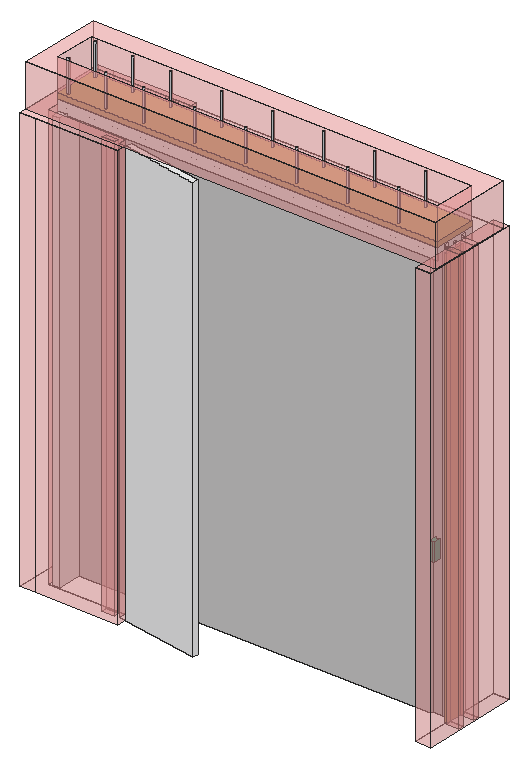
Revit family "Doors-Sliding_WON-DOOR_DuraSound_Manual_Floating_N", category Doors, host Wall, Revit 2020 (continued)
Definition of nested family "Second Part"
  Dimensions and locks (in)
    aligned and locked: curve 6 to Masking region 4
    aligned and locked: curve 6 to Masking region 3
    aligned and locked: curve 8 to Masking region 6
    aligned and locked: curve 8 to Masking region 5
    aligned and locked: Masking region 5 to curve 7
    aligned and locked: Masking region 6 to curve 7
    aligned and locked: plane 5 "Center (Left/Right)" to Masking region 8 sketch curve  (x3)
    aligned and locked: Masking region 2 sketch curve to plane 5 "Center (Left/Right)"
    aligned and locked: Masking region 10 sketch curve to plane 5 "Center (Left/Right)"
    aligned and locked: plane 5 "Center (Left/Right)" to Masking region 11 sketch curve
    aligned and locked: curve 9 to Masking region 9
    aligned and locked: curve 10 to Masking region 9
    aligned and locked: curve 11 to Masking region 9
    aligned and locked: curve 12 to Masking region 9
    aligned and locked: curve 13 to Masking region 9
    aligned and locked: curve 14 to Masking region 9
    aligned and locked: curve 15 to Masking region 9
    aligned and locked: curve 16 to Masking region 9
    aligned and locked: curve 17 to Masking region 8
    aligned and locked: curve 18 to Masking region 8
    aligned and locked: curve 19 to Masking region 8
    aligned and locked: curve 20 to Masking region 8
    aligned and locked: curve 21 to Masking region 10
    aligned and locked: curve 22 to Masking region 8
    aligned and locked: curve 23 to Masking region 8
    aligned and locked: curve 24 to Masking region 8
    aligned and locked: curve 25 to Masking region 8
    aligned and locked: curve 26 to Masking region 8
    aligned and locked: curve 27 to Masking region 8
    aligned and locked: curve 28 to Masking region 8
    aligned and locked: curve 29 to Masking region 8
    aligned and locked: curve 30 to Masking region 10
    aligned and locked: curve 31 to Masking region 12
    aligned and locked: curve 32 to Masking region 12
    aligned and locked: curve 33 to Masking region 12
    aligned and locked: curve 34 to Masking region 12
    aligned and locked: curve 35 to Masking region 12
    aligned and locked: curve 36 to Masking region 12
    aligned and locked: curve 37 to Masking region 12
    aligned and locked: curve 38 to Masking region 12
    aligned and locked: Masking region 20 to curve 39
    aligned and locked: curve 40 to Masking region 20
    aligned and locked: curve 41 to Masking region 20
    aligned and locked: curve 42 to Masking region 20
  Automatic sketch dimensions
    Masking region 3 sketch curve to curve 1 = 0' - 5.86722"
    Masking region 3 sketch curve to Masking region 3 sketch curve = 0' - 0"  (x115)
    Masking region 3 sketch curve to curve 1 = 0' - 4.63688"  (x2)
    Masking region 3 sketch curve to curve 1 = 0' - 4.00688"  (x2)
    Masking region 3 sketch curve to Masking region 3 sketch curve = 0' - 0.04427"  (x22)
    Masking region 3 sketch curve to curve 1 = 0' - 3.69188"  (x2)
    Masking region 3 sketch curve to curve 1 = 0' - 4.32188"  (x2)
    Masking region 3 sketch curve to Masking region 3 sketch curve = 0' - 0.67452"  (x2)
    Masking region 3 sketch curve to Masking region 3 sketch curve = 0' - 0.73961"
    Masking region 3 sketch curve to Masking region 3 sketch curve = 0' - 0.00196"
    Masking region 3 sketch curve to Masking region 3 sketch curve = 0' - 0.05689"  (x4)
    Masking region 3 sketch curve to Masking region 3 sketch curve = 0' - 0.06541"  (x2)
    Masking region 3 sketch curve to Masking region 3 sketch curve = 0' - 0.02757"
    Masking region 3 sketch curve to Masking region 3 sketch curve = 0' - 0.48775"  (x2)
    Masking region 3 sketch curve to Masking region 3 sketch curve = 0' - 0.50856"  (x2)
    Masking region 3 sketch curve to Masking region 3 sketch curve = 0' - 0.45168"  (x3)
    Masking region 3 sketch curve to Masking region 3 sketch curve = 0' - 0.42411"  (x2)
    Masking region 3 sketch curve to Masking region 3 sketch curve = 0' - 0.5973"  (x9)
    Masking region 3 sketch curve to Masking region 3 sketch curve = 0' - 0.63786"  (x5)
    Masking region 3 sketch curve to Masking region 3 sketch curve = 0' - 0.32217"  (x8)
    Masking region 3 sketch curve to Masking region 3 sketch curve = 0' - 0.612"  (x7)
    Masking region 3 sketch curve to Masking region 3 sketch curve = 0' - 0.07516"  (x24)
    Masking region 3 sketch curve to Masking region 3 sketch curve = 0' - 0.548"  (x8)
    Masking region 3 sketch curve to Masking region 3 sketch curve = 0' - 0.26882"
    Masking region 3 sketch curve to Masking region 3 sketch curve = 0' - 0 1/32"  (x12)
    Masking region 3 sketch curve to Masking region 3 sketch curve = 0' - 0 3/32"  (x4)
    Masking region 3 sketch curve to Masking region 3 sketch curve = 0' - 0.70214"
    Masking region 3 sketch curve to curve 1 = 0' - 0.80801"  (x2)
    Masking region 3 sketch curve to Masking region 3 sketch curve = 0' - 0.03716"
    Masking region 3 sketch curve to Masking region 3 sketch curve = 0' - 0 5/64"  (x2)
    Masking region 3 sketch curve to curve 1 = 0' - 0.20356"
    curve 1 to Masking region 3 sketch curve = 0' - 0.07856"
    curve 1 to Masking region 3 sketch curve = 0' - 0.76374"  (x2)
    Masking region 3 sketch curve to Masking region 3 sketch curve = 0' - 0.65725"
    Masking region 3 sketch curve to Masking region 3 sketch curve = 0' - 0.04096"
    Masking region 3 sketch curve to Masking region 3 sketch curve = 0' - 0.60839"
    Masking region 3 sketch curve to Masking region 3 sketch curve = 0' - 1.08364"  (x2)
    Masking region 3 sketch curve to Masking region 3 sketch curve = 0' - 0.44315"
    Masking region 3 sketch curve to Masking region 3 sketch curve = 0' - 0.48579"
    Masking region 3 sketch curve to Masking region 3 sketch curve = 0' - 0.69007"  (x2)
    Masking region 3 sketch curve to Masking region 3 sketch curve = 0' - 0.71285"
    curve 1 to Masking region 3 sketch curve = 0' - 2 1/2"  (x2)
    Masking region 3 sketch curve to curve 1 = 0' - 2 1/2"  (x2)
    curve 1 to Masking region 3 sketch curve = 0' - 2 31/32"
    Masking region 3 sketch curve to Masking region 3 sketch curve = 0' - 0.08697"  (x2)
    Masking region 3 sketch curve to Masking region 3 sketch curve = 0' - 0.6683"  (x2)
    Masking region 3 sketch curve to Masking region 3 sketch curve = 0' - 0.02358"  (x2)
    Masking region 3 sketch curve to Masking region 3 sketch curve = 0' - 0.10059"  (x3)
    Masking region 3 sketch curve to Masking region 3 sketch curve = 0' - 0.08395"  (x2)
    Masking region 3 sketch curve to Masking region 3 sketch curve = 0' - 0.315"  (x61)
    Masking region 3 sketch curve to Masking region 3 sketch curve = 0' - 0.29142"
    Masking region 3 sketch curve to Masking region 3 sketch curve = 0' - 0 81/256"  (x20)
    Masking region 3 sketch curve to Masking region 3 sketch curve = 0' - 0 1/4"  (x20)
    Masking region 3 sketch curve to Masking region 3 sketch curve = 0' - 0.565"
    Masking region 3 sketch curve to Masking region 3 sketch curve = 0' - 0 7/16"
    Masking region 5 sketch curve to curve 1 = 0' - 4.2983"
    Masking region 5 sketch curve to curve 1 = 0' - 5.86722"
    Masking region 5 sketch curve to Masking region 5 sketch curve = 0' - 0"  (x18)
    Masking region 5 sketch curve to curve 1 = 0' - 1.57856"
    Masking region 5 sketch curve to Masking region 5 sketch curve = 0' - 0 1/32"  (x6)
    Masking region 5 sketch curve to Masking region 5 sketch curve = 0' - 0.70214"  (x2)
    Masking region 5 sketch curve to Masking region 5 sketch curve = 0' - 0 5/64"  (x2)
    Masking region 5 sketch curve to curve 1 = 0' - 0.76374"
    Masking region 5 sketch curve to Masking region 5 sketch curve = 0' - 0.00331"  (x2)
    Masking region 5 sketch curve to curve 1 = 0' - 0.10981"
    curve 1 to Masking region 5 sketch curve = 0' - 0.07856"
    curve 1 to Masking region 5 sketch curve = 0' - 0.76374"  (x2)
    Masking region 5 sketch curve to curve 1 = 0' - 3.6683"
    Masking region 5 sketch curve to Masking region 5 sketch curve = 0' - 4.30422"
    Masking region 5 sketch curve to curve 1 = 0' - 3"
    Masking region 5 sketch curve to Masking region 5 sketch curve = 0' - 0.6683"
    Masking region 5 sketch curve to Masking region 5 sketch curve = 0' - 0 15/32"  (x2)
    curve 1 to Masking region 5 sketch curve = 0' - 2 1/2"  (x2)
    Masking region 5 sketch curve to Masking region 5 sketch curve = 0' - 0.63"
    Masking region 5 sketch curve to Masking region 5 sketch curve = 0' - 0.315"  (x13)
    Masking region 5 sketch curve to Masking region 5 sketch curve = 0' - 0 81/256"  (x4)
    Masking region 5 sketch curve to Masking region 5 sketch curve = 0' - 0 1/4"  (x4)
    curve 2 to curve 4 = 0' - 6.99379"
    curve 2 to curve 4 = 2' - 5.13278"
    curve 4 to curve 4 = 0' - 11 3/4"
    Masking region 1 sketch curve to curve 1 = 0' - 2 1/2"
    Masking region 1 sketch curve to curve 1 = 0' - 8 1/2"
    curve 1 to Masking region 1 sketch curve = 0' - 8 1/2"
    Masking region 7 sketch curve to Masking region 7 sketch curve = 0' - 2.98878"
    plane 1 "Center (Front/Back)" to Masking region 7 sketch curve = 0' - 1.57856"
    plane 1 "Center (Front/Back)" to Masking region 7 sketch curve = 0' - 0.84517"
    Masking region 7 sketch curve to plane 1 "Center (Front/Back)" = 0' - 0.84517"
    Masking region 7 sketch curve to Masking region 7 sketch curve = 0' - 0.73339"
    Masking region 7 sketch curve to Masking region 7 sketch curve = 0' - 4.28867"
    Masking region 9 sketch curve to plane 3 "1" = 0' - 3.50063"  (x2)
    plane 1 "Center (Front/Back)" to Masking region 9 sketch curve = 0' - 11.24979"
    Masking region 9 sketch curve to Masking region 9 sketch curve = 0' - 1 5/8"  (x2)
    Masking region 9 sketch curve to plane 1 "Center (Front/Back)" = 0' - 9.62521"
    plane 1 "Center (Front/Back)" to Masking region 8 sketch curve = 1' - 1 7/8"  (x2)
    Masking region 8 sketch curve to Masking region 8 sketch curve = 0' - 2 7/8"
    Masking region 8 sketch curve to Masking region 8 sketch curve = 0' - 4 7/8"  (x2)
    Masking region 8 sketch curve to plane 1 "Center (Front/Back)" = 0' - 9"
    Masking region 8 sketch curve to Masking region 8 sketch curve = 0' - 2"
    Masking region 8 sketch curve to Masking region 8 sketch curve = 0' - 0"
    plane 1 "Center (Front/Back)" to Masking region 2 sketch curve = 0' - 11"
    Masking region 2 sketch curve to Masking region 2 sketch curve = 0' - 2"  (x2)
    Masking region 2 sketch curve to plane 1 "Center (Front/Back)" = 0' - 9"
    plane 1 "Center (Front/Back)" to Masking region 10 sketch curve = 0' - 11"
    Masking region 10 sketch curve to plane 1 "Center (Front/Back)" = 0' - 11"
    plane 1 "Center (Front/Back)" to Masking region 11 sketch curve = 1' - 2.60579"
    Masking region 11 sketch curve to Masking region 11 sketch curve = 0' - 1.60303"
    Masking region 6 sketch curve to curve 2 = 0' - 0"
    curve 2 to Masking region 6 sketch curve = 0' - 6.99379"
    curve 2 to Masking region 6 sketch curve = 2' - 5.13278"
    Masking region 6 sketch curve to Masking region 6 sketch curve = 0' - 0"  (x20)
    Masking region 6 sketch curve to Masking region 6 sketch curve = 0' - 2.97322"
    Masking region 6 sketch curve to Masking region 6 sketch curve = 0' - 1.989"  (x2)
    Masking region 6 sketch curve to Masking region 6 sketch curve = 0' - 0.14126"
    Masking region 6 sketch curve to Masking region 6 sketch curve = 0' - 0.165"  (x3)
    curve 2 to Masking region 6 sketch curve = 0' - 0.26799"
    Masking region 6 sketch curve to Masking region 6 sketch curve = 0' - 1.48"
    Masking region 6 sketch curve to Masking region 6 sketch curve = 0' - 1.52748"
    Masking region 6 sketch curve to Masking region 6 sketch curve = 0' - 0.02374"
    Masking region 6 sketch curve to Masking region 6 sketch curve = 0' - 2.98878"
    Masking region 6 sketch curve to Masking region 6 sketch curve = 0' - 0.315"  (x13)
    Masking region 6 sketch curve to Masking region 6 sketch curve = 0' - 0 81/256"  (x4)
    Masking region 6 sketch curve to Masking region 6 sketch curve = 0' - 0 1/4"  (x4)
    Masking region 6 sketch curve to Masking region 6 sketch curve = 0' - 0.22642"  (x2)
    Masking region 6 sketch curve to Masking region 6 sketch curve = 0' - 0.84161"  (x2)
    Masking region 6 sketch curve to Masking region 6 sketch curve = 0' - 1"  (x2)
    plane 3 "1" to Masking region 7 sketch curve = 0' - 0.23017"
    plane 1 "Center (Front/Back)" to Masking region 7 sketch curve = 0' - 1.29"
    Masking region 7 sketch curve to plane 1 "Center (Front/Back)" = 0' - 1.29"
    Masking region 4 sketch curve to curve 2 = 0' - 0"
    curve 2 to Masking region 4 sketch curve = 0' - 4.91738"  (x2)
    curve 2 to Masking region 4 sketch curve = 2' - 5.13278"
    curve 2 to Masking region 4 sketch curve = 0' - 4.28597"  (x2)
    Masking region 4 sketch curve to Masking region 4 sketch curve = 0' - 0"  (x122)
    curve 2 to Masking region 4 sketch curve = 0' - 6.11379"  (x2)
    curve 2 to Masking region 4 sketch curve = 0' - 3.72097"  (x2)
    curve 2 to Masking region 4 sketch curve = 0' - 5.48238"  (x2)
    Masking region 4 sketch curve to Masking region 4 sketch curve = 0' - 0.04427"  (x21)
    curve 2 to Masking region 4 sketch curve = 0' - 5.79738"  (x2)
    curve 2 to Masking region 4 sketch curve = 0' - 5.23238"
    curve 2 to Masking region 4 sketch curve = 0' - 4.03597"  (x2)
    curve 2 to Masking region 4 sketch curve = 0' - 6.42879"
    Masking region 4 sketch curve to Masking region 4 sketch curve = 0' - 0.67452"
    Masking region 4 sketch curve to Masking region 4 sketch curve = 0' - 0.73961"
    Masking region 4 sketch curve to Masking region 4 sketch curve = 0' - 0.00196"
    Masking region 4 sketch curve to Masking region 4 sketch curve = 0' - 0.05689"  (x4)
    Masking region 4 sketch curve to Masking region 4 sketch curve = 0' - 0.06541"  (x2)
    Masking region 4 sketch curve to Masking region 4 sketch curve = 0' - 0.02757"
    Masking region 4 sketch curve to Masking region 4 sketch curve = 0' - 0.50856"  (x2)
    Masking region 4 sketch curve to Masking region 4 sketch curve = 0' - 0.42411"  (x2)
    curve 2 to Masking region 4 sketch curve = 0' - 4.60097"
    Masking region 4 sketch curve to Masking region 4 sketch curve = 0' - 0.48775"  (x2)
    curve 2 to Masking region 4 sketch curve = 0' - 6.97484"  (x2)
    Masking region 4 sketch curve to Masking region 4 sketch curve = 0' - 0.5973"  (x8)
    curve 2 to Masking region 4 sketch curve = 0' - 4.51703"  (x2)
    curve 2 to Masking region 4 sketch curve = 0' - 6.02984"  (x2)
    curve 2 to Masking region 4 sketch curve = 0' - 6.34484"  (x2)
    curve 2 to Masking region 4 sketch curve = 0' - 5 51/128"  (x2)
    curve 2 to Masking region 4 sketch curve = 0' - 4.20203"  (x2)
    curve 2 to Masking region 4 sketch curve = 0' - 5.71344"  (x2)
    curve 2 to Masking region 4 sketch curve = 0' - 3.95203"  (x2)
    curve 2 to Masking region 4 sketch curve = 0' - 5 19/128"  (x2)
    curve 2 to Masking region 4 sketch curve = 0' - 3.63703"  (x2)
    curve 2 to Masking region 4 sketch curve = 0' - 4.83344"  (x2)
    curve 2 to Masking region 4 sketch curve = 0' - 6.65984"  (x2)
    curve 2 to Masking region 4 sketch curve = 0' - 6.83076"
    Masking region 4 sketch curve to Masking region 4 sketch curve = 0' - 0.63786"  (x5)
    curve 2 to Masking region 4 sketch curve = 0' - 4.68794"  (x2)
    curve 2 to Masking region 4 sketch curve = 0' - 3.80794"  (x2)
    curve 2 to Masking region 4 sketch curve = 0' - 7.14576"
    curve 2 to Masking region 4 sketch curve = 0' - 5.56935"  (x2)
    curve 2 to Masking region 4 sketch curve = 0' - 6.20076"
    curve 2 to Masking region 4 sketch curve = 0' - 5.31935"  (x2)
    Masking region 4 sketch curve to Masking region 4 sketch curve = 0' - 0.32217"  (x8)
    curve 2 to Masking region 4 sketch curve = 0' - 4.12294"  (x2)
    curve 2 to Masking region 4 sketch curve = 0' - 5.88435"  (x2)
    curve 2 to Masking region 4 sketch curve = 0' - 6.51576"  (x2)
    Masking region 4 sketch curve to Masking region 4 sketch curve = 0' - 0.18854"
    Masking region 4 sketch curve to Masking region 4 sketch curve = 0' - 0.188"  (x3)
    curve 2 to Masking region 4 sketch curve = 0' - 4.20896"  (x2)
    Masking region 4 sketch curve to Masking region 4 sketch curve = 0' - 0.612"  (x7)
    curve 2 to Masking region 4 sketch curve = 0' - 6.98177"  (x2)
    curve 2 to Masking region 4 sketch curve = 0' - 5.72036"  (x2)
    curve 2 to Masking region 4 sketch curve = 0' - 5.15536"  (x2)
    Masking region 4 sketch curve to Masking region 4 sketch curve = 0' - 0.07516"  (x24)
    curve 2 to Masking region 4 sketch curve = 0' - 4.84036"  (x2)
    curve 2 to Masking region 4 sketch curve = 0' - 4.52396"  (x2)
    curve 2 to Masking region 4 sketch curve = 0' - 6.66677"  (x2)
    Masking region 4 sketch curve to Masking region 4 sketch curve = 0' - 0.548"  (x8)
    curve 2 to Masking region 4 sketch curve = 0' - 6.76736"  (x2)
    curve 2 to Masking region 4 sketch curve = 0' - 4.30955"  (x2)
    curve 2 to Masking region 4 sketch curve = 0' - 7.08236"
    curve 2 to Masking region 4 sketch curve = 0' - 4.94096"  (x2)
    curve 2 to Masking region 4 sketch curve = 0' - 3.74455"
    curve 2 to Masking region 4 sketch curve = 0' - 5.50596"  (x2)
    curve 2 to Masking region 4 sketch curve = 0' - 5.25596"  (x2)
    Masking region 4 sketch curve to Masking region 4 sketch curve = 0' - 0.76638"
    Masking region 4 sketch curve to Masking region 4 sketch curve = 0' - 0.176"  (x4)
    Masking region 4 sketch curve to Masking region 4 sketch curve = 0' - 1.03937"  (x2)
    Masking region 4 sketch curve to Masking region 4 sketch curve = 0' - 0.09699"
    curve 2 to Masking region 4 sketch curve = 0' - 6.45236"  (x2)
    Masking region 4 sketch curve to Masking region 4 sketch curve = 0' - 0.165"  (x2)
    curve 2 to Masking region 4 sketch curve = 0' - 0.26799"
    Masking region 4 sketch curve to Masking region 4 sketch curve = 0' - 1.48"
    Masking region 4 sketch curve to Masking region 4 sketch curve = 0' - 1.52748"
    Masking region 4 sketch curve to Masking region 4 sketch curve = 0' - 0.02374"
    Masking region 4 sketch curve to Masking region 4 sketch curve = 0' - 0.06801"
    curve 2 to Masking region 4 sketch curve = 0' - 6.13736"
    Masking region 4 sketch curve to Masking region 4 sketch curve = 0' - 0.94238"
    Masking region 4 sketch curve to Masking region 4 sketch curve = 0' - 1.08364"
    curve 2 to Masking region 4 sketch curve = 0' - 4.62455"
    curve 2 to Masking region 4 sketch curve = 0' - 4.05955"
    curve 2 to Masking region 4 sketch curve = 0' - 5.40536"
    curve 2 to Masking region 4 sketch curve = 0' - 3.95896"
    curve 2 to Masking region 4 sketch curve = 0' - 6.03677"
    Masking region 4 sketch curve to Masking region 4 sketch curve = 0' - 0.23546"  (x2)
    curve 2 to Masking region 4 sketch curve = 0' - 4.37294"
    curve 2 to Masking region 4 sketch curve = 0' - 5.00435"
    curve 2 to Masking region 4 sketch curve = 0' - 7.05879"
    Masking region 4 sketch curve to Masking region 4 sketch curve = 0' - 0.44315"
    Masking region 4 sketch curve to Masking region 4 sketch curve = 0' - 0.45168"  (x2)
    Masking region 4 sketch curve to Masking region 4 sketch curve = 0' - 0.48579"
    Masking region 4 sketch curve to Masking region 4 sketch curve = 0' - 0.69007"
    Masking region 4 sketch curve to Masking region 4 sketch curve = 0' - 0.74696"
    curve 2 to Masking region 4 sketch curve = 0' - 6.74379"
    Masking region 4 sketch curve to Masking region 4 sketch curve = 0' - 0.63"  (x2)
    Masking region 4 sketch curve to Masking region 4 sketch curve = 0' - 0.315"  (x17)
    Masking region 4 sketch curve to Masking region 4 sketch curve = 0' - 0 1/4"  (x5)
    Masking region 4 sketch curve to Masking region 4 sketch curve = 0' - 0.71661"  (x2)
    Masking region 4 sketch curve to Masking region 4 sketch curve = 0' - 0 1/8"  (x3)
    Masking region 4 sketch curve to Masking region 4 sketch curve = 0' - 0.74102"
    Masking region 4 sketch curve to Masking region 4 sketch curve = 0' - 0.624"  (x2)
    Masking region 12 sketch curve to Masking region 12 sketch curve = 0' - 0"
    plane 1 "Center (Front/Back)" to Masking region 12 sketch curve = 0' - 3.4981"
    Masking region 12 sketch curve to Masking region 12 sketch curve = 0' - 3.74619"
    Masking region 12 sketch curve to Masking region 12 sketch curve = 0' - 3 5/8"
    Masking region 12 sketch curve to plane 4 = 0' - 0 3/8"  (x2)
    Masking region 12 sketch curve to Masking region 12 sketch curve = 0' - 1 5/8"  (x2)
    plane 1 "Center (Front/Back)" to Masking region 13 sketch curve = 0' - 2.75887"
    Masking region 13 sketch curve to plane 4 = 0' - 0"
    Masking region 13 sketch curve to Masking region 13 sketch curve = 0' - 0.74734"
    Masking region 13 sketch curve to plane 1 "Center (Front/Back)" = 0' - 2.7501"
    plane 4 to Masking region 14 sketch curve = 0' - 0.74734"
    Masking region 14 sketch curve to Masking region 14 sketch curve = 0' - 1.77298"
    plane 1 "Center (Front/Back)" to Masking region 14 sketch curve = 0' - 0.90563"
    Masking region 14 sketch curve to plane 1 "Center (Front/Back)" = 0' - 0.90437"
    plane 4 to Masking region 15 sketch curve = 0' - 0.74734"
    Masking region 15 sketch curve to Masking region 15 sketch curve = 0' - 1.388"  (x2)
    Masking region 15 sketch curve to Masking region 15 sketch curve = 0' - 0.275"  (x2)
    Masking region 15 sketch curve to Masking region 15 sketch curve = 0' - 0.10998"
    Masking region 15 sketch curve to Masking region 15 sketch curve = 0' - 0.1188"  (x2)
    plane 1 "Center (Front/Back)" to Masking region 15 sketch curve = 0' - 0.90563"
    Masking region 15 sketch curve to Masking region 15 sketch curve = 0' - 0.1"  (x2)
    Masking region 15 sketch curve to Masking region 15 sketch curve = 0' - 0.09934"  (x2)
    Masking region 15 sketch curve to Masking region 15 sketch curve = 0' - 0.23816"  (x2)
    Masking region 15 sketch curve to plane 1 "Center (Front/Back)" = 0' - 0.46687"
    plane 4 to Masking region 16 sketch curve = 0' - 0.74734"
    Masking region 16 sketch curve to Masking region 16 sketch curve = 0' - 1.288"
    Masking region 16 sketch curve to Masking region 16 sketch curve = 0' - 0.1"
    Masking region 16 sketch curve to Masking region 16 sketch curve = 0' - 0.325"
    plane 1 "Center (Front/Back)" to Masking region 16 sketch curve = 0' - 0.805"
    Masking region 16 sketch curve to Masking region 16 sketch curve = 0' - 0.18"  (x2)
    Masking region 16 sketch curve to plane 1 "Center (Front/Back)" = 0' - 0 5/8"
    plane 4 to Masking region 17 sketch curve = 0' - 0.74734"
    Masking region 17 sketch curve to plane 1 "Center (Front/Back)" = 0' - 0.555"
    Masking region 17 sketch curve to Masking region 17 sketch curve = 0' - 1.288"
    Masking region 17 sketch curve to Masking region 17 sketch curve = 0' - 0"  (x2)
    Masking region 17 sketch curve to Masking region 17 sketch curve = 0' - 0.1"  (x7)
    Masking region 17 sketch curve to Masking region 17 sketch curve = 0' - 0 1/8"  (x2)
    Masking region 17 sketch curve to Masking region 17 sketch curve = 0' - 0.086"  (x2)
    Masking region 17 sketch curve to Masking region 17 sketch curve = 0' - 0.0615"  (x2)
    plane 1 "Center (Front/Back)" to Masking region 17 sketch curve = 0' - 0.4075"
    Masking region 17 sketch curve to Masking region 17 sketch curve = 0' - 0.07"
    Masking region 17 sketch curve to Masking region 17 sketch curve = 0' - 0.15"  (x2)
    Masking region 17 sketch curve to Masking region 17 sketch curve = 0' - 0.156"
    Masking region 17 sketch curve to plane 1 "Center (Front/Back)" = 0' - 0.805"
    plane 1 "Center (Front/Back)" to Masking region 18 sketch curve = 0' - 0"
    plane 4 to Masking region 18 sketch curve = 0' - 0.74734"
    Masking region 18 sketch curve to Masking region 18 sketch curve = 0' - 0.429"
    Masking region 18 sketch curve to Masking region 18 sketch curve = 0' - 0.797"  (x2)
    plane 1 "Center (Front/Back)" to Masking region 18 sketch curve = 0' - 0.805"
    Masking region 18 sketch curve to Masking region 18 sketch curve = 0' - 0.062"  (x3)
    Masking region 18 sketch curve to Masking region 18 sketch curve = 0' - 0.1"  (x4)
    Masking region 18 sketch curve to Masking region 18 sketch curve = 0' - 0"
    Masking region 18 sketch curve to Masking region 18 sketch curve = 0' - 0 1/8"  (x2)
    Masking region 18 sketch curve to Masking region 18 sketch curve = 0' - 0.03362"  (x2)
    Masking region 18 sketch curve to Masking region 18 sketch curve = 0' - 0.038"  (x2)
    Masking region 18 sketch curve to Masking region 18 sketch curve = 0' - 0.08"  (x2)
    Masking region 18 sketch curve to Masking region 18 sketch curve = 0' - 0.15"
    Masking region 18 sketch curve to Masking region 18 sketch curve = 0' - 0.086"  (x2)
    Masking region 18 sketch curve to Masking region 18 sketch curve = 0' - 0.0615"  (x2)
    Masking region 18 sketch curve to Masking region 18 sketch curve = 0' - 0.156"
    plane 4 to Masking region 19 sketch curve = 0' - 0.74734"
    plane 1 "Center (Front/Back)" to Masking region 19 sketch curve = 0' - 0.00063"
    Masking region 19 sketch curve to Masking region 19 sketch curve = 0' - 0.33599"
    Masking region 19 sketch curve to Masking region 19 sketch curve = 0' - 1.26634"  (x2)
    Masking region 19 sketch curve to Masking region 19 sketch curve = 0' - 0.12166"  (x2)
    Masking region 19 sketch curve to Masking region 19 sketch curve = 0' - 0.275"  (x2)
    Masking region 19 sketch curve to Masking region 19 sketch curve = 0' - 0.03181"  (x2)
    Masking region 19 sketch curve to Masking region 19 sketch curve = 0' - 0.089"  (x2)
    plane 1 "Center (Front/Back)" to Masking region 19 sketch curve = 0' - 0.74792"
    Masking region 19 sketch curve to Masking region 19 sketch curve = 0' - 0.01148"  (x2)
    Masking region 19 sketch curve to plane 1 "Center (Front/Back)" = 0' - 0.74665"
    Masking region 19 sketch curve to Masking region 19 sketch curve = 0' - 0.02772"
    Masking region 19 sketch curve to Masking region 19 sketch curve = 0' - 0.024"  (x2)
    Masking region 19 sketch curve to Masking region 19 sketch curve = 0' - 0.23816"
    Masking region 19 sketch curve to Masking region 19 sketch curve = 0' - 0.04162"
    Masking region 20 sketch curve to plane 4 = 0' - 0"
    Masking region 20 sketch curve to Masking region 20 sketch curve = 0' - 4 3/8"
    plane 1 "Center (Front/Back)" to Masking region 20 sketch curve = 1' - 1 7/8"
    Masking region 20 sketch curve to plane 1 "Center (Front/Back)" = 1' - 1 7/8"
    Masking region 8 sketch curve to plane 4 = 0' - 0"  (x4)
    curve 42 to curve 1 = 0' - 0"
    curve 19 to curve 1 = 0' - 0"
    curve 24 to curve 1 = 0' - 0"
    curve 1 to curve 42 = 0' - 4 3/8"
    curve 42 to curve 1 = 1' - 1 7/8"
    curve 19 to curve 1 = 1' - 1 7/8"
    curve 19 to curve 9 = 0' - 2.62479"
    curve 19 to curve 20 = 0' - 2 7/8"
    curve 9 to curve 11 = 0' - 1 5/8"
    curve 11 to curve 23 = 0' - 0.62521"
    curve 3 to curve 1 = 0' - 5.86722"
    curve 37 to curve 1 = 0' - 3.4981"
    curve 1 to curve 32 = 0' - 0 3/8"
    curve 31 to curve 32 = 0' - 1 5/8"
    curve 1 to curve 36 = 0' - 1.8731"
    curve 33 to curve 36 = 0' - 1 5/8"
    curve 1 to curve 3 = 0' - 5.88278"
    curve 6 to curve 27 = 0' - 3.11722"
    curve 6 to curve 14 = 0' - 3.74202"
    curve 27 to curve 30 = 0' - 2"
    curve 28 to curve 15 = 0' - 0.24979"
    curve 29 to curve 29 = 0' - 2 7/8"
    curve 32 to curve 1 = 0' - 4"
    curve 36 to curve 1 = 0' - 4"
    curve 1 to curve 34 = 0' - 0 3/8"
    curve 5 to curve 9 = 0' - 3.24315"
    curve 6 to curve 13 = 0' - 3.24315"
    curve 14 to curve 15 = 0' - 3 5/8"
    curve 9 to curve 9 = 0' - 3 5/8"
    curve 13 to curve 28 = 0' - 1.37297"
    curve 9 to curve 22 = 0' - 1.37297"
    curve 21 to curve 19 = 0' - 1 5/8"
    curve 28 to curve 29 = 0' - 1 5/8"
    curve 8 to curve 3 = 0' - 0"
    curve 7 to curve 3 = 0' - 0"
Types (3): name | Void Offset | Stack Depth | Single Door Geometry | Single Door | Second Stack Depth Offset | Second Stack Depth | Rough Width | Real Step for Pocket Threaded Rods | Offset for Width | Min Width | Double Door Geometry | Double Door | Array for Second Pocket Vis | Array for Second Pocket Threaded Rods
  (no name) | 0' - 0" | 1' - 11 1/4" | yes | yes | 0' - 0" | 1' - 0" | 9' - 4 1/8" | 0' - 10 5/8" | 0' - 0" | 3' - 0" | no | no | no | 2
  Single Parting Door | 0' - 0" | 1' - 11 1/4" | yes | yes | 0' - 0" | 1' - 0" | 9' - 4 1/8" | 0' - 10 5/8" | 0' - 0" | 3' - 0" | no | no | no | 2
  Bi-Parting Door | 1' - 5 1/8" | 1' - 5 1/8" | no | no | 0' - 2" | 1' - 3 1/8" | 8' - 10" | 0' - 7 9/16" | 1' - 5 1/8" | 4' - 0" | yes | yes | yes | 3
